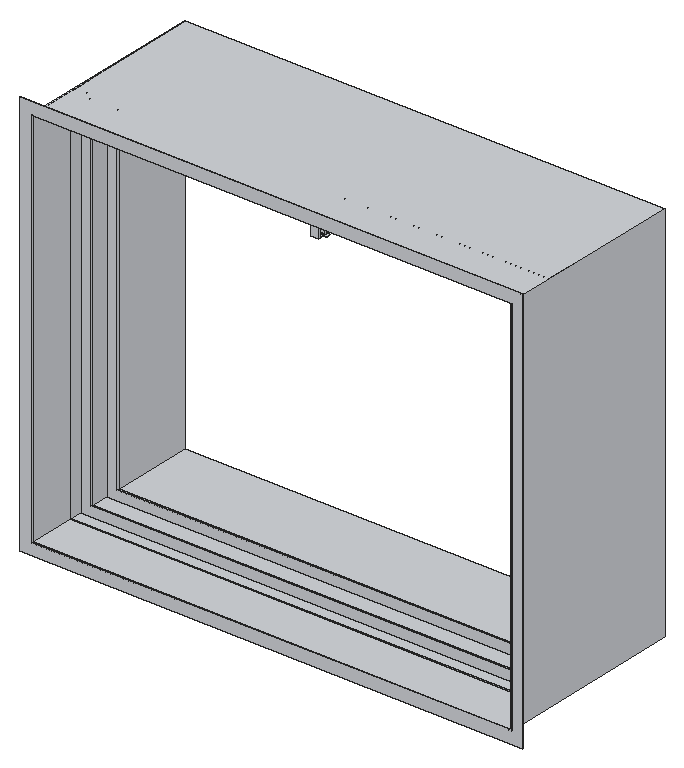
Revit family "FD-SAVG", category Mechanical Equipment, Revit 2015
Parameters
  URL = "https://unitedenertech.com/catalog/pdf/A-20%20%20FD-SAVG.pdf"
  Type Comments = "Max. Sizes are (Rectangular 48\"w x 36\"h or 36\"w x 48\"h) (Round 46\" Diameter)"
  Model = "FD-SAVG"
  Manufacturer = "United Enertech Corporation"
  Keynote = "Rectangular Transition Shown, Consult Factory for Models with Round Transition Option"
  Exact Width = 2' - 6"
  Exact Height = 2' - 0"
  Description = "Vertical Curtain Fire Damper for Behind Grille"
  Depth = 1' - 0"
Reference planes (in)
  plane 1 "Center (Front/Back)": y = 0
  plane 2: z = 0
  plane 3 "Center (Left/Right)": x = 0
  plane 4: z = 24
  plane 5: x = -15
  plane 6: x = 15
  plane 7: z = 12
  plane 8: x = -15.75
  plane 9: z = 24.75
  plane 10: z = -0.75
  plane 11: x = 15.75
  plane 12: x = -15.03
  plane 13: z = 24.03
  plane 14: x = 15.03
  plane 15: z = -0.03
  plane 16: y = 0.03
  plane 17: y = 3
  plane 18: y = 12
Forms (in)
  Extrusion 1, solid
    sketch origin (0, 0, 0) x (1, 0, 0) y (0, 0, 1)
      loop
        line (-15.75, 24.75) -> (-15.75, -0.75) -> (15.75, -0.75) -> (15.75, 24.75) -> (-15.75, 24.75)
      loop
        line (-15, 24) -> (-15, 0) -> (15, 0) -> (15, 24) -> (-15, 24)
    from 0 to -0.03
  Extrusion 2, solid
    sketch origin (0, 0, 0) x (1, 0, 0) y (0, 0, 1)
      loop
        line (-15.03, 24.03) -> (-15.03, -0.03) -> (15.03, -0.03) -> (15.03, 24.03) -> (-15.03, 24.03)
      loop
        line (-15, 24) -> (-15, 0) -> (15, 0) -> (15, 24) -> (-15, 24)
    from -12 to -0.03
Dimensions and locks (in)
  equal spacing: plane 4, plane 7, level
  "Exact Height": plane 4 to level
  equal spacing: plane 6, plane 3 "Center (Left/Right)", plane 5
  "Exact Width": plane 6 to plane 5
  locked: plane 9 to plane 4 at 0.75
  locked: plane 5 to plane 8 at 0.75
  locked: plane 11 to plane 6 at 0.75
  locked: level to plane 10 at 0.75
  locked: plane 12 to plane 5 at 0.03
  locked: plane 14 to plane 6 at 0.03
  locked: plane 13 to plane 4 at 0.03
  locked: level to plane 15 at 0.03
  locked: plane 16 to plane 1 "Center (Front/Back)" at 0.03
  locked: plane 17 to plane 1 "Center (Front/Back)" at 3
  "Depth": plane 18 to plane 1 "Center (Front/Back)"
  aligned and locked: level to plane 2
  aligned and locked: plane 8 to Extrusion 1 sketch curve
  aligned and locked: Extrusion 1 sketch curve to plane 9
  aligned and locked: plane 11 to Extrusion 1 sketch curve
  aligned and locked: Extrusion 1 sketch curve to plane 10
  aligned and locked: Extrusion 1 sketch curve to plane 6
  aligned and locked: level to Extrusion 1 sketch curve
  aligned and locked: plane 5 to Extrusion 1 sketch curve
  aligned and locked: Extrusion 1 sketch curve to plane 4
  aligned and locked: plane 1 "Center (Front/Back)" to Extrusion 1
  aligned and locked: plane 16 to Extrusion 1
  aligned and locked: Extrusion 2 sketch curve to plane 12
  aligned and locked: Extrusion 2 sketch curve to plane 15
  aligned and locked: Extrusion 2 sketch curve to plane 14
  aligned and locked: Extrusion 2 sketch curve to plane 13
  aligned and locked: Extrusion 2 sketch curve to plane 4
  aligned and locked: Extrusion 2 sketch curve to plane 6
  aligned and locked: level to Extrusion 2 sketch curve
  aligned and locked: plane 5 to Extrusion 2 sketch curve
  aligned and locked: Extrusion 2 to plane 16
  aligned and locked: plane 18 to Extrusion 2
  aligned and locked: plane 3 "Center (Left/Right)" to nested 1
  aligned and locked: plane 7 to nested 1
  aligned and locked: nested 1 to plane 17
Nested families (in)
  nested 1: "SAVG DAMP" at (0, 4.84375, 0), type "SAVG DAMP"
    with EFL Height 0' - 3 5/64", Blade Width 2' - 5 7/8", Blade Pair Number 6, Exact Width 2' - 6"
Definition of nested family "SAVG DAMP"
  Parameters (values of type "SAVG DAMP")
    URL = "http://unitedenertech.com/catalog/pdf/A-7%20%20FD-ALB.pdf"
    Type Comments = "Max. Sizes are (1-1/2 Hour Vertical 120\"w x 120\"h) (1-1/2 Hour Horizontal 120\"w x 40\"h or 96\"w x 48\"h) (3 Hour Vertical or Horizontal 80\"w x 40\"h)"
    Model = "FD-ALB"
    Manufacturer = "United Enertech Corporation"
    Keynote = "Vertical Model Shown, Horizontal Models have Springs as shown on Model FDD-ALB."
    Exact Width = 2' - 0"
    EFL Height [instance] = Blade Pair Number * 0' 0 13/32" + 0' 0 41/64"  # 0' - 3 5/64"
    Description = "Curtain Fire Damper for use in Static Systems"
    Damper Height = 2' - 0"
    Depth = 0' - 3 11/16"
    Blade Width [instance] = Exact Width - 0' 0 1/8"  # 1' - 11 7/8"
    Blade Pair Number [instance] = (Damper Height - 0' 0 9/128") / 0' 3 7/8"  # 6
  Reference planes (in)
    plane 1 "Center (Front/Back)": y = 0
    plane 2: z = 0
    plane 3 "Center (Left/Right)": x = 0
    plane 4: x = -12
    plane 5: x = 12
    plane 6: y = -1.84375
    plane 7: y = 1.84375
    plane 8: z = 24
    plane 9: x = -11.9641
    plane 10: x = 11.9641
    plane 11: z = 0.0359
    plane 12: z = 23.9641
    plane 13: y = 1.09375
    plane 14: y = -1.09375
    plane 15: y = -0.96875
    plane 16: y = 0.96875
    plane 17: z = 0.6609
    plane 18: x = -11.3391
    plane 19: x = 11.3391
    plane 20: z = 23.3391
    plane 21: x = -0.25
    plane 22: x = 0.25
    plane 23: z = 20.88598
    plane 24: z = 20.92188
    plane 25: z = 12
  Forms (in)
    Extrusion 1, solid
      sketch origin (0, 0, 0) x (1, 0, 0) y (0, 0, 1)
        loop
          line (-11.9641, 23.9641) -> (-11.9641, 0.0359) -> (11.9641, 0.0359) -> (11.9641, 23.9641) -> (-11.9641, 23.9641)
        loop
          line (-12, 24) -> (-12, 0) -> (12, 0) -> (12, 24) -> (-12, 24)
      from -1.84375 to 1.84375
    Extrusion 2, solid
      sketch origin (0, 0, 0) x (1, 0, 0) y (0, 0, 1)
        loop
          line (-11.3391, 23.3391) -> (-11.3391, 0.6609) -> (11.3391, 0.6609) -> (11.3391, 23.3391) -> (-11.3391, 23.3391)
        loop
          line (-11.9641, 23.9641) -> (-11.9641, 0.0359) -> (11.9641, 0.0359) -> (11.9641, 23.9641) -> (-11.9641, 23.9641)
      from 0.96875 to 1.09375
    Extrusion 3, solid
      sketch origin (0, 0, 0) x (1, 0, 0) y (0, 0, 1)
        loop
          line (-11.3391, 23.3391) -> (-11.3391, 0.6609) -> (11.3391, 0.6609) -> (11.3391, 23.3391) -> (-11.3391, 23.3391)
        loop
          line (-11.9641, 23.9641) -> (-11.9641, 0.0359) -> (11.9641, 0.0359) -> (11.9641, 23.9641) -> (-11.9641, 23.9641)
      from -1.09375 to -0.96875
    Extrusion 4, solid
      sketch origin (0, 0, 0) x (0, 1, 0) y (0, 0, 1)
        loop
          line (0.96875, 23.9641) -> (0.93285, 23.9641) -> (0.93285, 20.88598) -> (1.43285, 20.88598) -> (1.43285, 21.55473) -> (1.39695, 21.55473) -> (1.39695, 20.92188) -> (0.96875, 20.92188) -> (0.96875, 23.9641)
      from -0.25 to 0.25
    Extrusion 5, solid
      sketch origin (0, 0, 0) x (0, -1, 0) y (0, 0, -1)
        loop
          line (0.96875, -23.9641) -> (0.96875, -20.92188) -> (1.39695, -20.92188) -> (1.39695, -21.55473) -> (1.43285, -21.55473) -> (1.43285, -20.88598) -> (0.93285, -20.88598) -> (0.93285, -23.9641) -> (0.96875, -23.9641)
      from -0.25 to 0.25
  Dimensions and locks (in)
    equal spacing: plane 4, plane 3 "Center (Left/Right)", plane 5
    "Exact Width": plane 4 to plane 5
    equal spacing: plane 7, plane 1 "Center (Front/Back)", plane 6
    "Depth": plane 7 to plane 6
    "Damper Height": plane 8 to level
    locked: plane 9 to plane 4 at 0.0359
    locked: plane 5 to plane 10 at 0.0359
    locked: plane 8 to plane 12 at 0.0359
    locked: plane 11 to level at 0.0359
    locked: plane 13 to plane 14 at 2.1875
    locked: plane 15 to plane 14 at 0.125
    locked: plane 13 to plane 16 at 0.125
    locked: plane 18 to plane 9 at 0.625
    locked: plane 10 to plane 19 at 0.625
    locked: plane 17 to plane 11 at 0.625
    locked: plane 12 to plane 20 at 0.625
    equal spacing: group 1, group 2, group 3, group 4, group 5, group 6  (x2)
    equal spacing: group 6, group 5, group 4, group 3, group 2, group 1
    locked: nested 1 to nested 2 at 0.40625
    "EFL Height": plane 12 to plane 23
    locked: plane 24 to plane 23 at 0.0359
    equal spacing: plane 8, plane 25, level
    aligned and locked: level to plane 2
    aligned and locked: level to Extrusion 1 sketch curve
    aligned and locked: Extrusion 1 sketch curve to plane 4
    aligned and locked: Extrusion 1 sketch curve to plane 5
    aligned and locked: Extrusion 1 sketch curve to plane 8
    aligned and locked: Extrusion 1 sketch curve to plane 12
    aligned and locked: plane 10 to Extrusion 1 sketch curve
    aligned and locked: plane 11 to Extrusion 1 sketch curve
    aligned and locked: plane 9 to Extrusion 1 sketch curve
    aligned and locked: plane 7 to Extrusion 1
    aligned and locked: Extrusion 1 to plane 6
    aligned and locked: plane 11 to Extrusion 2 sketch curve
    aligned and locked: plane 9 to Extrusion 2 sketch curve
    aligned and locked: plane 10 to Extrusion 2 sketch curve
    aligned and locked: Extrusion 2 sketch curve to plane 12
    aligned and locked: Extrusion 2 sketch curve to plane 20
    aligned and locked: Extrusion 2 sketch curve to plane 19
    aligned and locked: plane 17 to Extrusion 2 sketch curve
    aligned and locked: Extrusion 2 sketch curve to plane 18
    aligned and locked: plane 13 to Extrusion 3
    aligned and locked: Extrusion 3 to plane 16
    aligned and locked: plane 15 to Extrusion 2
    aligned and locked: Extrusion 2 to plane 14
    aligned and locked: plane 3 "Center (Left/Right)" to nested 1
    aligned and locked: plane 12 to nested 1
    aligned and locked: plane 21 to Extrusion 5
    aligned and locked: plane 21 to Extrusion 4
    aligned and locked: plane 22 to Extrusion 5
    aligned and locked: plane 22 to Extrusion 4
    aligned and locked: Extrusion 5 sketch curve to plane 23
    aligned and locked: plane 23 to Extrusion 4 sketch curve
    aligned and locked: plane 24 to Extrusion 4 sketch curve
    aligned and locked: Extrusion 5 sketch curve to plane 24
    aligned and locked: nested 4 to plane 24
  Automatic sketch dimensions
    Extrusion 3 sketch curve to plane 9 = 0' - 0"
    Extrusion 3 sketch curve to plane 17 = 0' - 0"
    plane 18 to Extrusion 3 sketch curve = 0' - 0"
    Extrusion 3 sketch curve to plane 19 = 0' - 0"
    plane 10 to Extrusion 3 sketch curve = 0' - 0"
    Extrusion 3 sketch curve to plane 11 = 0' - 0"
    Extrusion 3 sketch curve to plane 20 = 0' - 0"
    Extrusion 3 sketch curve to plane 12 = 0' - 0"
    Extrusion 4 sketch curve to plane 12 = 0' - 0"
    Extrusion 4 sketch curve to plane 16 = 0' - 0"
    Extrusion 4 sketch curve to plane 16 = 0' - 0.0359"
    plane 13 to Extrusion 4 sketch curve = 0' - 0.3032"
    Extrusion 4 sketch curve to Extrusion 4 sketch curve = 0' - 0.0359"
    plane 24 to Extrusion 4 sketch curve = 0' - 0.63285"
    Extrusion 5 sketch curve to plane 12 = 0' - 0"
    Extrusion 5 sketch curve to plane 15 = 0' - 0"
    Extrusion 5 sketch curve to plane 15 = 0' - 0.0359"
    plane 14 to Extrusion 5 sketch curve = 0' - 0.3032"
    Extrusion 5 sketch curve to Extrusion 5 sketch curve = 0' - 0.0359"
    Extrusion 5 sketch curve to plane 24 = 0' - 0.63285"
  Nested families (in)
    nested 1: "FD-SALB BLADESEDITED" at (0, 1.17008, 23.12138), type "FD-SALB BLADESEDITED"
    nested 2: "FD-SALB BLADESEDITED" at (0, 1.17008, 22.71513), type "FD-SALB BLADESEDITED"
    nested 3: "FD-SALB BLADESEDITED" at (0, 1.17008, 22.30888), type "FD-SALB BLADESEDITED"
    nested 4: "EFL" at (4.62017, 3.54736, 20.92188), type "EFL"
    nested 5: "FD-SALB BLADESEDITED" at (0, 1.17008, 21.90263), type "FD-SALB BLADESEDITED"
    nested 6: "FD-SALB BLADESEDITED" at (0, 1.17008, 21.49638), type "FD-SALB BLADESEDITED"
    nested 7: "FD-SALB BLADESEDITED" at (0, 1.17008, 21.09013), type "FD-SALB BLADESEDITED"
  Definition of nested family "FD-SALB BLADESEDITED"
    Parameters (values of type "FD-SALB BLADESEDITED")
      Blade Width = 1' - 11 7/8"
    Reference planes (in)
      plane 1 "Center (Front/Back)": y = 0
      plane 2: z = 0
      plane 3 "Center (Left/Right)": x = 0
      plane 4: x = -11.9375
      plane 5: x = 11.9375
    Forms (in)
      Extrusion 1, solid
        sketch origin (0, 0, 0) x (0, 1, 0) y (0, 0, 1)
          loop
            line (-0.31672, 0.53073) -> (-0.3446, 0.62657)
            arc (-0.3446, 0.62657) -> (-0.33726, 0.6415) -> (-0.32269, 0.63348) r 0.0115
            line (-0.32269, 0.63348) -> (-0.30545, 0.53536)
            arc (-0.30545, 0.53536) -> (-0.31611, 0.49773) -> (-0.35217, 0.48264) r 0.045
            line (-0.35217, 0.48264) -> (-0.39872, 0.48554)
            arc (-0.39872, 0.48554) -> (-0.42675, 0.49692) -> (-0.44125, 0.52348) r 0.045
            line (-0.44125, 0.52348) -> (-0.47071, 0.66865)
            arc (-0.47071, 0.66865) -> (-0.48965, 0.70349) -> (-0.5262, 0.7189) r 0.06
            line (-0.5262, 0.7189) -> (-1.55698, 0.78305) -> (-1.76244, 0.79584)
            arc (-1.76244, 0.79584) -> (-1.79846, 0.78683) -> (-1.82228, 0.75836) r 0.06
            line (-1.82228, 0.75836) -> (-1.88016, 0.61423)
            arc (-1.88016, 0.61423) -> (-1.90974, 0.57877) -> (-1.95445, 0.56733) r 0.075
            arc (-1.95445, 0.56733) -> (-2.03902, 0.60869) -> (-2.06957, 0.69773) r 0.123
            line (-2.06957, 0.69773) -> (-2.06418, 0.78456)
            arc (-2.06418, 0.78456) -> (-2.05371, 0.80551) -> (-2.03138, 0.81256) r 0.03
            line (-2.03138, 0.81256) -> (-1.90763, 0.80489) -> (-1.90763, 0.8362) -> (-2.01284, 0.84272) -> (-2.04641, 0.84272)
            arc (-2.04641, 0.84272) -> (-2.08042, 0.82292) -> (-2.09536, 0.7865) r 0.06125
            line (-2.09536, 0.7865) -> (-2.10077, 0.69966)
            arc (-2.10077, 0.69966) -> (-2.06244, 0.58801) -> (-1.95639, 0.53614) r 0.15425
            arc (-1.95639, 0.53614) -> (-1.89306, 0.55235) -> (-1.8512, 0.60257) r 0.10625
            line (-1.8512, 0.60257) -> (-1.7933, 0.74674)
            arc (-1.7933, 0.74674) -> (-1.78183, 0.76038) -> (-1.76452, 0.76466) r 0.02875
            line (-1.76452, 0.76466) -> (-1.55892, 0.75186) -> (-0.52813, 0.68773)
            arc (-0.52813, 0.68773) -> (-0.51045, 0.68016) -> (-0.50148, 0.66314) r 0.02875
            line (-0.50148, 0.66314) -> (-0.47199, 0.51784)
            arc (-0.47199, 0.51784) -> (-0.4474, 0.47346) -> (-0.4004, 0.45434) r 0.07625
            line (-0.4004, 0.45434) -> (-0.35398, 0.45144)
            arc (-0.35398, 0.45144) -> (-0.29278, 0.47694) -> (-0.27468, 0.54073) r 0.07625
            line (-0.27468, 0.54073) -> (-0.29191, 0.63889)
            arc (-0.29191, 0.63889) -> (-0.33988, 0.67434) -> (-0.37768, 0.6282) r 0.04327
            line (-0.37768, 0.6282) -> (-0.34677, 0.52199) -> (-0.31672, 0.53073)
        from -11.9375 to 11.9375
      Extrusion 2, solid
        sketch origin (0, 0, 0) x (0, 1, 0) y (0, 0, 1)
          loop
            arc (-0.31635, 0.67497) -> (-0.29361, 0.66856) -> (-0.28256, 0.64768) r 0.03
            line (-0.28256, 0.64768) -> (-0.2714, 0.56286)
            arc (-0.2714, 0.56286) -> (-0.29582, 0.47194) -> (-0.37737, 0.42491) r 0.123
            arc (-0.37737, 0.42491) -> (-0.42275, 0.43328) -> (-0.45469, 0.46664) r 0.075
            line (-0.45469, 0.46664) -> (-0.52225, 0.60648)
            arc (-0.52225, 0.60648) -> (-0.54755, 0.63305) -> (-0.58358, 0.63992) r 0.06
            line (-0.58358, 0.63992) -> (-0.78858, 0.61304) -> (-1.81262, 0.47877)
            arc (-1.81262, 0.47877) -> (-1.84723, 0.46173) -> (-1.86432, 0.42714) r 0.06
            line (-1.86432, 0.42714) -> (-1.88437, 0.27537)
            arc (-1.88437, 0.27537) -> (-1.89734, 0.2499) -> (-1.92301, 0.23735) r 0.045
            line (-1.92301, 0.23735) -> (-1.96868, 0.2314)
            arc (-1.96868, 0.2314) -> (-2.00696, 0.24361) -> (-2.02023, 0.28153) r 0.045
            line (-2.02023, 0.28153) -> (-2.00995, 0.379)
            arc (-2.00995, 0.379) -> (-1.99657, 0.38882) -> (-1.98728, 0.37505) r 0.0115
            line (-1.98728, 0.37505) -> (-2.00879, 0.27676) -> (-1.97772, 0.26996) -> (-1.95543, 0.37179)
            arc (-1.95543, 0.37179) -> (-1.99381, 0.41919) -> (-2.04121, 0.38081) r 0.04313
            line (-2.04121, 0.38081) -> (-2.05127, 0.28509)
            arc (-2.05127, 0.28509) -> (-2.02877, 0.22122) -> (-1.96431, 0.20045) r 0.07625
            line (-1.96431, 0.20045) -> (-1.91897, 0.20638)
            arc (-1.91897, 0.20638) -> (-1.87533, 0.22771) -> (-1.85342, 0.27106) r 0.07625
            line (-1.85342, 0.27106) -> (-1.83333, 0.42305)
            arc (-1.83333, 0.42305) -> (-1.82514, 0.43962) -> (-1.80853, 0.44779) r 0.02875
            line (-1.80853, 0.44779) -> (-0.78452, 0.58205) -> (-0.57967, 0.60892)
            arc (-0.57967, 0.60892) -> (-0.56246, 0.60559) -> (-0.55039, 0.5929) r 0.02875
            line (-0.55039, 0.5929) -> (-0.48278, 0.45303)
            arc (-0.48278, 0.45303) -> (-0.4376, 0.40578) -> (-0.37331, 0.39393) r 0.10625
            arc (-0.37331, 0.39393) -> (-0.27103, 0.4529) -> (-0.24041, 0.56695) r 0.15425
            line (-0.24041, 0.56695) -> (-0.2515, 0.65113)
            arc (-0.2515, 0.65113) -> (-0.27433, 0.69316) -> (-0.32041, 0.70596) r 0.06125
            line (-0.32041, 0.70596) -> (-0.44437, 0.68971) -> (-0.44031, 0.65872) -> (-0.31635, 0.67497)
        from -11.9375 to 11.9375
    Dimensions and locks (in)
      equal spacing: plane 4, plane 3 "Center (Left/Right)", plane 5
      "Blade Width": plane 4 to plane 5
      aligned and locked: level to plane 2
      aligned and locked: plane 4 to Extrusion 1
      aligned and locked: plane 4 to Extrusion 2
      aligned and locked: plane 5 to Extrusion 1
      aligned and locked: plane 5 to Extrusion 2
    Automatic sketch dimensions
      Extrusion 2 sketch curve to Extrusion 2 sketch curve = 0' - 0"  (x35)
      level to Extrusion 2 sketch curve = 0' - 0.28509"
      plane 1 "Center (Front/Back)" to Extrusion 2 sketch curve = 0' - 2.05127"
      level to Extrusion 2 sketch curve = 0' - 0.38081"
      Extrusion 2 sketch curve to Extrusion 2 sketch curve = 0' - 0.01006"
      level to Extrusion 2 sketch curve = 0' - 0.28153"
      Extrusion 2 sketch curve to Extrusion 2 sketch curve = 0' - 0.03105"
      level to Extrusion 2 sketch curve = 0' - 0.27676"
      Extrusion 2 sketch curve to Extrusion 2 sketch curve = 0' - 0.01143"  (x2)
      Extrusion 2 sketch curve to Extrusion 2 sketch curve = 0' - 0.04266"
      Extrusion 2 sketch curve to Extrusion 2 sketch curve = 0' - 0.00023"
      level to Extrusion 2 sketch curve = 0' - 0.26996"
      Extrusion 2 sketch curve to Extrusion 2 sketch curve = 0' - 0.03107"
      Extrusion 2 sketch curve to Extrusion 2 sketch curve = 0' - 0.00213"
      level to Extrusion 2 sketch curve = 0' - 0.2314"
      Extrusion 2 sketch curve to Extrusion 2 sketch curve = 0' - 0.00904"
      level to Extrusion 2 sketch curve = 0' - 0.20045"
      level to Extrusion 2 sketch curve = 0' - 0.37179"
      Extrusion 2 sketch curve to Extrusion 2 sketch curve = 0' - 0.0467"
      level to Extrusion 2 sketch curve = 0' - 0.27537"
      Extrusion 2 sketch curve to Extrusion 2 sketch curve = 0' - 0.04451"
      level to Extrusion 2 sketch curve = 0' - 0.27106"
      Extrusion 2 sketch curve to Extrusion 2 sketch curve = 0' - 0.03095"
      Extrusion 2 sketch curve to Extrusion 2 sketch curve = 0' - 0.0486"
      plane 1 "Center (Front/Back)" to Extrusion 2 sketch curve = 0' - 0.78452"
      Extrusion 2 sketch curve to Extrusion 2 sketch curve = 0' - 0.20094"
      Extrusion 2 sketch curve to Extrusion 2 sketch curve = 0' - 0 1/256"  (x2)
      Extrusion 2 sketch curve to Extrusion 2 sketch curve = 0' - 0.0034"
      Extrusion 2 sketch curve to Extrusion 2 sketch curve = 0' - 0.13921"
      Extrusion 2 sketch curve to Extrusion 2 sketch curve = 0' - 0.00406"  (x3)
      Extrusion 2 sketch curve to Extrusion 2 sketch curve = 0' - 0.04695"
      Extrusion 2 sketch curve to Extrusion 2 sketch curve = 0' - 0.00624"
      Extrusion 2 sketch curve to Extrusion 2 sketch curve = 0' - 0.0809"
      Extrusion 2 sketch curve to Extrusion 2 sketch curve = 0' - 0.0299"
      Extrusion 2 sketch curve to Extrusion 2 sketch curve = 0' - 0.03106"
      Extrusion 2 sketch curve to Extrusion 2 sketch curve = 0' - 0.00661"
      Extrusion 2 sketch curve to Extrusion 2 sketch curve = 0' - 0.00119"
      Extrusion 2 sketch curve to Extrusion 2 sketch curve = 0' - 0.14822"
      level to Extrusion 2 sketch curve = 0' - 0.49927"
      Extrusion 2 sketch curve to Extrusion 2 sketch curve = 0' - 0.04759"
      Extrusion 2 sketch curve to Extrusion 2 sketch curve = 0' - 0.0335"
      Extrusion 2 sketch curve to Extrusion 2 sketch curve = 0' - 0.00168"
      Extrusion 2 sketch curve to Extrusion 2 sketch curve = 0' - 0.02855"
      Extrusion 2 sketch curve to Extrusion 2 sketch curve = 0' - 0.031"
      Extrusion 2 sketch curve to Extrusion 2 sketch curve = 0' - 0.09835"
      Extrusion 2 sketch curve to Extrusion 2 sketch curve = 0' - 0.00246"
      Extrusion 2 sketch curve to Extrusion 2 sketch curve = 0' - 0.00345"
      Extrusion 2 sketch curve to Extrusion 2 sketch curve = 0' - 0.11186"
      Extrusion 2 sketch curve to Extrusion 2 sketch curve = 0' - 0.03098"  (x3)
      level to Extrusion 2 sketch curve = 0' - 0.37898"
      Extrusion 2 sketch curve to Extrusion 2 sketch curve = 0' - 0.00003"  (x4)
      Extrusion 2 sketch curve to Extrusion 2 sketch curve = 0' - 0.01101"
      level to Extrusion 2 sketch curve = 0' - 0.37505"
      Extrusion 2 sketch curve to Extrusion 2 sketch curve = 0' - 0.00585"
      level to Extrusion 2 sketch curve = 0' - 0.23735"
      Extrusion 2 sketch curve to Extrusion 2 sketch curve = 0' - 0.00404"
      level to Extrusion 2 sketch curve = 0' - 0.20636"
      level to Extrusion 2 sketch curve = 0' - 0.42714"
      Extrusion 2 sketch curve to Extrusion 2 sketch curve = 0' - 0.0595"
      level to Extrusion 2 sketch curve = 0' - 0.42305"
      Extrusion 2 sketch curve to Extrusion 2 sketch curve = 0' - 0.02852"
      Extrusion 2 sketch curve to Extrusion 2 sketch curve = 0' - 0.0207"
      level to Extrusion 2 sketch curve = 0' - 0.47878"
      Extrusion 2 sketch curve to Extrusion 2 sketch curve = 0' - 0.00374"
      level to Extrusion 2 sketch curve = 0' - 0.44779"
      Extrusion 2 sketch curve to Extrusion 2 sketch curve = 0' - 0.02588"
      Extrusion 2 sketch curve to Extrusion 2 sketch curve = 0' - 0.02814"
      Extrusion 2 sketch curve to Extrusion 2 sketch curve = 0' - 0.0957"
      Extrusion 2 sketch curve to Extrusion 2 sketch curve = 0' - 0.00004"  (x2)
      Extrusion 2 sketch curve to Extrusion 2 sketch curve = 0' - 0.02809"
      Extrusion 2 sketch curve to Extrusion 2 sketch curve = 0' - 0.00975"
      Extrusion 2 sketch curve to Extrusion 2 sketch curve = 0' - 0.00796"
      Extrusion 2 sketch curve to Extrusion 2 sketch curve = 0' - 0.01116"
      Extrusion 2 sketch curve to Extrusion 2 sketch curve = 0' - 0.00002"
      Extrusion 1 sketch curve to Extrusion 1 sketch curve = 0' - 0"  (x30)
      level to Extrusion 1 sketch curve = 0' - 0.7827"
      plane 1 "Center (Front/Back)" to Extrusion 1 sketch curve = 0' - 2.03423"
      Extrusion 1 sketch curve to Extrusion 1 sketch curve = 0' - 0.00284"
      Extrusion 1 sketch curve to Extrusion 1 sketch curve = 0' - 0.01854"
      Extrusion 1 sketch curve to Extrusion 1 sketch curve = 0' - 0.08443"
      Extrusion 1 sketch curve to Extrusion 1 sketch curve = 0' - 0.00298"
      Extrusion 1 sketch curve to Extrusion 1 sketch curve = 0' - 0.03918"
      Extrusion 1 sketch curve to Extrusion 1 sketch curve = 0' - 0.14102"
      level to Extrusion 1 sketch curve = 0' - 0.76466"
      Extrusion 1 sketch curve to Extrusion 1 sketch curve = 0' - 0.00209"
      level to Extrusion 1 sketch curve = 0' - 0.79584"
      Extrusion 1 sketch curve to Extrusion 1 sketch curve = 0' - 0.00208"  (x2)
      level to Extrusion 1 sketch curve = 0' - 0.75186"
      Extrusion 1 sketch curve to Extrusion 1 sketch curve = 0' - 0.2056"
      Extrusion 1 sketch curve to Extrusion 1 sketch curve = 0' - 0.00194"  (x2)
      plane 1 "Center (Front/Back)" to Extrusion 1 sketch curve = 0' - 0.52993"
      Extrusion 1 sketch curve to Extrusion 1 sketch curve = 0' - 0.02845"
      Extrusion 1 sketch curve to Extrusion 1 sketch curve = 0' - 0.02949"
      Extrusion 1 sketch curve to Extrusion 1 sketch curve = 0' - 0.03077"  (x2)
      Extrusion 1 sketch curve to Extrusion 1 sketch curve = 0' - 0.03074"
      Extrusion 1 sketch curve to Extrusion 1 sketch curve = 0' - 0.04085"
      Extrusion 1 sketch curve to Extrusion 1 sketch curve = 0' - 0.00168"
      Extrusion 1 sketch curve to Extrusion 1 sketch curve = 0' - 0.04445"
      Extrusion 1 sketch curve to Extrusion 1 sketch curve = 0' - 0.01912"
      Extrusion 1 sketch curve to Extrusion 1 sketch curve = 0' - 0.04641"
      Extrusion 1 sketch curve to Extrusion 1 sketch curve = 0' - 0.00182"
      Extrusion 1 sketch curve to Extrusion 1 sketch curve = 0' - 0.00238"
      Extrusion 1 sketch curve to Extrusion 1 sketch curve = 0' - 0.00302"
      Extrusion 1 sketch curve to Extrusion 1 sketch curve = 0' - 0.03307"
      Extrusion 1 sketch curve to Extrusion 1 sketch curve = 0' - 0.01008"
      Extrusion 1 sketch curve to Extrusion 1 sketch curve = 0' - 0.00072"
      Extrusion 1 sketch curve to Extrusion 1 sketch curve = 0' - 0.01112"
      Extrusion 1 sketch curve to Extrusion 1 sketch curve = 0' - 0.03006"
      Extrusion 1 sketch curve to Extrusion 1 sketch curve = 0' - 0.03078"
      Extrusion 1 sketch curve to Extrusion 1 sketch curve = 0' - 0.02867"
      Extrusion 1 sketch curve to Extrusion 1 sketch curve = 0' - 0.09261"
      level to Extrusion 1 sketch curve = 0' - 0.66865"
      Extrusion 1 sketch curve to Extrusion 1 sketch curve = 0' - 0.00551"
      Extrusion 1 sketch curve to Extrusion 1 sketch curve = 0' - 0.00412"
      Extrusion 1 sketch curve to Extrusion 1 sketch curve = 0' - 0.04791"
      Extrusion 1 sketch curve to Extrusion 1 sketch curve = 0' - 0.02976"
      Extrusion 1 sketch curve to Extrusion 1 sketch curve = 0' - 0.00541"
      Extrusion 1 sketch curve to Extrusion 1 sketch curve = 0' - 0.00087"
      Extrusion 1 sketch curve to Extrusion 1 sketch curve = 0' - 0.00852"
      Extrusion 1 sketch curve to Extrusion 1 sketch curve = 0' - 0.00559"
      Extrusion 1 sketch curve to Extrusion 1 sketch curve = 0' - 0.00702"
      Extrusion 1 sketch curve to Extrusion 1 sketch curve = 0' - 0.00564"
      Extrusion 1 sketch curve to Extrusion 1 sketch curve = 0' - 0.03935"
      Extrusion 1 sketch curve to Extrusion 1 sketch curve = 0' - 0.0312"
      Extrusion 1 sketch curve to Extrusion 1 sketch curve = 0' - 0.03119"
      Extrusion 1 sketch curve to Extrusion 1 sketch curve = 0' - 0.1148"
      Extrusion 1 sketch curve to Extrusion 1 sketch curve = 0' - 0.03131"
      Extrusion 1 sketch curve to Extrusion 1 sketch curve = 0' - 0.02994"
      level to Extrusion 1 sketch curve = 0' - 0.78456"
      Extrusion 1 sketch curve to Extrusion 1 sketch curve = 0' - 0.00539"
      level to Extrusion 1 sketch curve = 0' - 0.69772"
      Extrusion 1 sketch curve to Extrusion 1 sketch curve = 0' - 0.03117"
      Extrusion 1 sketch curve to Extrusion 1 sketch curve = 0' - 0.03118"
      level to Extrusion 1 sketch curve = 0' - 0.69966"
      Extrusion 1 sketch curve to Extrusion 1 sketch curve = 0' - 0.03357"
      Extrusion 1 sketch curve to Extrusion 1 sketch curve = 0' - 0.0066"
      Extrusion 1 sketch curve to Extrusion 1 sketch curve = 0' - 0.06959"
      level to Extrusion 1 sketch curve = 0' - 0.61423"
      Extrusion 1 sketch curve to Extrusion 1 sketch curve = 0' - 0.00004"  (x2)
      Extrusion 1 sketch curve to Extrusion 1 sketch curve = 0' - 0.02896"
      level to Extrusion 1 sketch curve = 0' - 0.60259"
      level to Extrusion 1 sketch curve = 0' - 0.75838"
      Extrusion 1 sketch curve to Extrusion 1 sketch curve = 0' - 0.05778"
      level to Extrusion 1 sketch curve = 0' - 0.74674"
      Extrusion 1 sketch curve to Extrusion 1 sketch curve = 0' - 0.02669"
      Extrusion 1 sketch curve to Extrusion 1 sketch curve = 0' - 0.00179"
      Extrusion 1 sketch curve to Extrusion 1 sketch curve = 0' - 0.00193"
      Extrusion 1 sketch curve to Extrusion 1 sketch curve = 0' - 0.01125"
      Extrusion 1 sketch curve to Extrusion 1 sketch curve = 0' - 0.00003"
      Extrusion 1 sketch curve to Extrusion 1 sketch curve = 0' - 0.05622"
      Extrusion 1 sketch curve to Extrusion 1 sketch curve = 0' - 0.03016"
  Definition of nested family "EFL"
    Reference planes (in)
      plane 1 "Center (Front/Back)": y = 0
      plane 2: z = 0
      plane 3 "Center (Left/Right)": x = 0
    Forms (in)
      Extrusion 1, solid
        sketch origin (0, 0, 0) x (1, 0, 0) y (0, 1, 0)
          loop
            arc (-4.87017, -4.05324) -> (-4.81525, -4.18582) -> (-4.68267, -4.24074) r 0.1875
            line (-4.68267, -4.24074) -> (-4.55767, -4.24074)
            arc (-4.55767, -4.24074) -> (-4.42508, -4.18582) -> (-4.37017, -4.05324) r 0.1875
            line (-4.37017, -4.05324) -> (-4.37017, -3.41574) -> (-4.87017, -3.41574) -> (-4.87017, -4.05324)
          loop
            circle (-4.62017, -4.05324) r 0.0625
        from 0.1 to 0.05
      Extrusion 2, solid
        sketch origin (-9.24033, -7.08147, 0) x (-1, 0, 0) y (0, -1, 0)
          loop
            arc (-4.87017, -4.05324) -> (-4.81525, -4.18582) -> (-4.68267, -4.24074) r 0.1875
            line (-4.68267, -4.24074) -> (-4.55767, -4.24074)
            arc (-4.55767, -4.24074) -> (-4.42508, -4.18582) -> (-4.37017, -4.05324) r 0.1875
            line (-4.37017, -4.05324) -> (-4.37017, -3.41574) -> (-4.87017, -3.41574) -> (-4.87017, -4.05324)
          loop
            circle (-4.62017, -4.05324) r 0.0625
        from 0 to 0.05
      Sweep 3, solid
        path in 3D
          loop
            line (-4.62017, -4.16421, 0) -> (-4.62017, -4.22608, 0)
            arc (-4.62017, -4.22608, 0) -> (-4.65678, -4.31447, 0) -> (-4.74517, -4.35108, 0) r 0.125
            line (-4.74517, -4.35108, 0) -> (-4.92568, -4.35108, 0)
            arc (-4.92568, -4.35108, 0) -> (-5.02859, -4.454, 0) -> (-4.92568, -4.55691, 0) r 0.10291
            line (-4.92568, -4.55691, 0) -> (-4.62017, -4.55691, 0) -> (-4.31465, -4.55691, 0)
            arc (-4.31465, -4.55691, 0) -> (-4.21174, -4.454, 0) -> (-4.31465, -4.35108, 0) r 0.10291
            line (-4.31465, -4.35108, 0) -> (-4.58427, -4.35108, 0)
        profile origin (-4.62017, -4.19515, 0) x (1, 0, 0) y (0, 0, 1)
          loop
            circle (0, 0) r 0.03202
      Sweep 4, solid
        path in 3D
          loop
            line (-4.62017, -4.283, 0.1526) -> (-4.62017, -4.12297, 0.1526)
            arc (-4.62017, -4.12297, 0.1526) -> (-4.62017, -4.04635, 0.07598) -> (-4.62017, -4.12297, -0.00063) r 0.07662
            line (-4.62017, -4.12297, -0.00063) -> (-4.62017, -4.16421, -0.00063)
        profile origin (-4.62017, -4.14359, -0.00063) x (0, 0, -1) y (1, 0, 0)
          loop
            circle (0, 0) r 0.03138
      Sweep 5, solid
        path in 3D
          loop
            line (-4.62017, -2.91726, 0) -> (-4.62017, -2.85539, 0)
            arc (-4.62017, -2.85539, 0) -> (-4.65678, -2.767, 0) -> (-4.74517, -2.73039, 0) r 0.125
            line (-4.74517, -2.73039, 0) -> (-4.92568, -2.73039, 0)
            arc (-4.92568, -2.73039, 0) -> (-5.02859, -2.62747, 0) -> (-4.92568, -2.52456, 0) r 0.10291
            line (-4.92568, -2.52456, 0) -> (-4.62017, -2.52456, 0) -> (-4.31465, -2.52456, 0)
            arc (-4.31465, -2.52456, 0) -> (-4.21174, -2.62747, 0) -> (-4.31465, -2.73039, 0) r 0.10291
            line (-4.31465, -2.73039, 0) -> (-4.58427, -2.73039, 0)
        profile origin (-4.62017, -2.88633, 0) x (-1, 0, 0) y (0, 0, 1)
          loop
            circle (0, 0) r 0.03202
      Sweep 6, solid
        path in 3D
          loop
            line (-4.62017, -2.79848, 0.1526) -> (-4.62017, -2.95851, 0.1526)
            arc (-4.62017, -2.95851, 0.1526) -> (-4.62017, -3.03512, 0.07598) -> (-4.62017, -2.95851, -0.00063) r 0.07662
            line (-4.62017, -2.95851, -0.00063) -> (-4.62017, -2.91726, -0.00063)
        profile origin (-4.62017, -2.93788, -0.00063) x (0, 0, 1) y (1, 0, 0)
          loop
            circle (0, 0) r 0.03138
    Lines and regions (in)
      sketch lines
        curve 1: line (-4.62017, -4.16421, 0) -> (-4.62017, -4.22608, 0)
        curve 2: arc (-4.74517, -4.35108, 0) -> (-4.65678, -4.31447, 0) -> (-4.62017, -4.22608, 0) r 0.125
        curve 3: line (-4.74517, -4.35108, 0) -> (-4.92568, -4.35108, 0)
        curve 4: arc (-4.92568, -4.35108, 0) -> (-5.02859, -4.454, 0) -> (-4.92568, -4.55691, 0) r 0.10291
        curve 5: line (-4.62017, -4.55691, 0) -> (-4.92568, -4.55691, 0)
        curve 6: line (-4.62017, -4.55691, 0) -> (-4.31465, -4.55691, 0)
        curve 7: arc (-4.31465, -4.55691, 0) -> (-4.21174, -4.454, 0) -> (-4.31465, -4.35108, 0) r 0.10291
        curve 8: line (-4.58427, -4.35108, 0) -> (-4.31465, -4.35108, 0)
        curve 9: line (-4.62017, -4.12297, -0.00063) -> (-4.62017, -4.16421, -0.00063)
        curve 10: arc (-4.62017, -4.12297, -0.00063) -> (-4.62017, -4.04635, 0.07598) -> (-4.62017, -4.12297, 0.1526) r 0.07662
        curve 11: line (-4.62017, -4.12297, 0.1526) -> (-4.62017, -4.283, 0.1526)
        curve 12: line (-4.62017, -2.91726, 0) -> (-4.62017, -2.85539, 0)
        curve 13: arc (-4.74517, -2.73039, 0) -> (-4.65678, -2.767, 0) -> (-4.62017, -2.85539, 0) r 0.125
        curve 14: line (-4.74517, -2.73039, 0) -> (-4.92568, -2.73039, 0)
        curve 15: arc (-4.92568, -2.73039, 0) -> (-5.02859, -2.62747, 0) -> (-4.92568, -2.52456, 0) r 0.10291
        curve 16: line (-4.62017, -2.52456, 0) -> (-4.92568, -2.52456, 0)
        curve 17: line (-4.62017, -2.52456, 0) -> (-4.31465, -2.52456, 0)
        curve 18: arc (-4.31465, -2.52456, 0) -> (-4.21174, -2.62747, 0) -> (-4.31465, -2.73039, 0) r 0.10291
        curve 19: line (-4.58427, -2.73039, 0) -> (-4.31465, -2.73039, 0)
        curve 20: line (-4.62017, -2.95851, -0.00063) -> (-4.62017, -2.91726, -0.00063)
        curve 21: arc (-4.62017, -2.95851, -0.00063) -> (-4.62017, -3.03512, 0.07598) -> (-4.62017, -2.95851, 0.1526) r 0.07662
        curve 22: line (-4.62017, -2.95851, 0.1526) -> (-4.62017, -2.79848, 0.1526)
    Dimensions and locks (in)
      aligned and locked: level to plane 2
